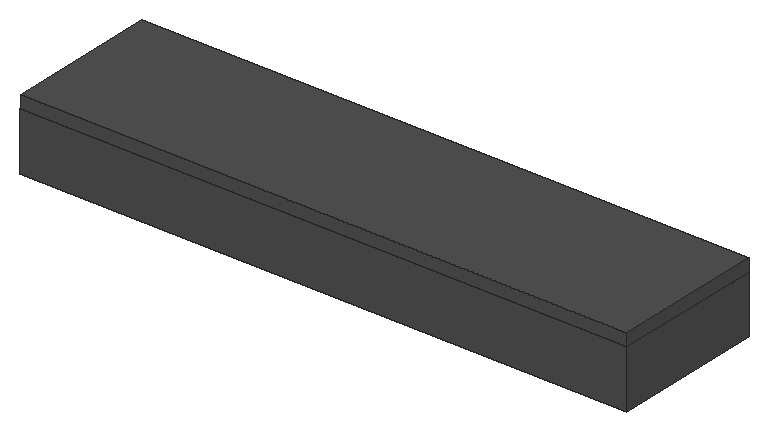
Revit family "M_Luminária comercial - Lentes", category Luminárias, Revit 2019
Family settings
  Hospedeiro = Forro
  Cota do conector redondo = Utilizar diâmetro
  Tipo de parte = Normal
  Número OmniClass = 23.80.70.11.14.11
  Título OmniClass = Downlights
  ID de item do Seek = Troffer Light - Lens-0000-CAN-ENU
  Sempre na vertical = Sim
  Corte com vazios quando carregada = Não
  Fonte luminosa = Sim
  Compartilhado = Não
  Ponto de cálculo do ambiente = Não
Parameters (values of type "0300x1200 mm(2 Lâmpadas) - 120V")
  Wattage = 80 W
  built-in parameter 1150110 = 1 (stored number, unit not read)
  built-in parameter 1114217 = 0.88 (stored number, unit not read)
  built-in parameter 1150109 = 1 (stored number, unit not read)
  built-in parameter 1150134 = 8
  built-in parameter 1150113 = 1 (stored number, unit not read)
  built-in parameter 1150115 = 1 (stored number, unit not read)
  built-in parameter 1150105 = 2005.4 (stored number, unit not read)
  Classificação de carga = Iluminação - Unidade de interrupção
  Light Source Symbol Size = 609.6 mm
  built-in parameter 1150137 = 1
  built-in parameter 1150139 = (empty or 0)
  built-in parameter 1150112 = 1 (stored number, unit not read)
  built-in parameter 1150114 = 1 (stored number, unit not read)
  built-in parameter 1150132 = (empty or 0)
  built-in parameter 1150102 = (empty or 0)
  built-in parameter 1150138 = (empty or 0)
  built-in parameter 1150107 = 4230 (stored number, unit not read)
  built-in parameter 1150106 = 20.054 (stored number, unit not read)
  Emitir da largura do retângulo = Largura da caixa - 50 mm  # 250 mm
  Emitir do comprimento do retângulo = Comprimento da caixa - 50 mm  # 1150 mm
  Emit Shape Visible in Rendering = no
  built-in parameter 1150104 = 7.3161 (stored number, unit not read)
  Dimming Lamp Color Temperature Shift = (empty or 0)
  Color Filter = 16777215
  built-in parameter 1140040 [instance] = 1
  Voltagem do transformador = 120 V
  Transformador por número de postes = 1
  built-in parameter 1114218 = 0.88 (stored number, unit not read)
  built-in parameter 1150133 = 10 (stored number, unit not read)
  Código de montagem = "D5020210"
  Diâmetro do círculo = Largura da caixa * 0.6  # 180 mm
  Material do difusor = Vidro, Branco, Alta Luminosidade
  Lâmpada = "T-12"
  Comprimento da caixa = 1200 mm
  Material da caixa de luz = Aço, Cromo polido
  Lumens = 6300 lm
  Wattage Comments = ""
  Largura da caixa = 300 mm
  Carga aparente = 80 VA
Types (10, lengths in mm): name | Wattage | built-in parameter 1114217 | built-in parameter 1150105 | built-in parameter 1150106 | Emitir da largura do retângulo | Emitir do comprimento do retângulo | built-in parameter 1150104 | Voltagem do transformador | built-in parameter 1114218 | Diâmetro do círculo | Comprimento da caixa | Lumens | Largura da caixa | Carga aparente
  0600x1200 mm(4 Lâmpadas) - 120V | 160 W | 0.95 (stored number, unit not read) | 4010.7 (stored number, unit not read) | 40.107 (stored number, unit not read) | 550 | 1150 | 7.3161 (stored number, unit not read) | 120 V | 0.95 (stored number, unit not read) | 360 | 1200 | 12600 lm | 600 | 160 VA
  0600x1200 mm(4 Lâmpadas) - 277V | 160 W | 0.95 (stored number, unit not read) | 4010.7 (stored number, unit not read) | 40.107 (stored number, unit not read) | 550 | 1150 | 7.3161 (stored number, unit not read) | 277 V | 0.95 (stored number, unit not read) | 360 | 1200 | 12600 lm | 600 | 160 VA
  0300x1200 mm(2 Lâmpadas) - 120V | 80 W | 0.88 (stored number, unit not read) | 2005.4 (stored number, unit not read) | 20.054 (stored number, unit not read) | 250 | 1150 | 7.3161 (stored number, unit not read) | 120 V | 0.88 (stored number, unit not read) | 180 | 1200 | 6300 lm | 300 | 80 VA
  0300x1200 mm(2 Lâmpadas) - 277V | 80 W | 0.88 (stored number, unit not read) | 2005.4 (stored number, unit not read) | 20.054 (stored number, unit not read) | 250 | 1150 | 7.3161 (stored number, unit not read) | 277 V | 0.88 (stored number, unit not read) | 180 | 1200 | 6300 lm | 300 | 80 VA
  0600x0600 mm(2 Lâmpadas) - 120V | 40 W | 0.88 (stored number, unit not read) | 827.61 (stored number, unit not read) | 8.2761 (stored number, unit not read) | 550 | 550 | 6.0387 (stored number, unit not read) | 120 V | 0.88 (stored number, unit not read) | 360 | 600 | 2600 lm | 600 | 40 VA
  0600x0600 mm(2 Lâmpadas) - 277V | 40 W | 0.88 (stored number, unit not read) | 827.61 (stored number, unit not read) | 8.2761 (stored number, unit not read) | 550 | 550 | 6.0387 (stored number, unit not read) | 277 V | 0.88 (stored number, unit not read) | 360 | 600 | 2600 lm | 600 | 40 VA
  0600x0600 mm(4 Lâmpadas) - 120V | 80 W | 0.88 (stored number, unit not read) | 1655.2 (stored number, unit not read) | 16.552 (stored number, unit not read) | 550 | 550 | 6.0387 (stored number, unit not read) | 120 V | 0.88 (stored number, unit not read) | 360 | 600 | 5200 lm | 600 | 80 VA
  0600x0600 mm(4 Lâmpadas) - 277V | 80 W | 0.88 (stored number, unit not read) | 1655.2 (stored number, unit not read) | 16.552 (stored number, unit not read) | 550 | 550 | 6.0387 (stored number, unit not read) | 277 V | 0.88 (stored number, unit not read) | 360 | 600 | 5200 lm | 600 | 80 VA
  0600x1200 mm(2 Lâmpadas) - 120V | 80 W | 0.88 (stored number, unit not read) | 1655.2 (stored number, unit not read) | 16.552 (stored number, unit not read) | 550 | 1150 | 6.0387 (stored number, unit not read) | 120 V | 0.88 (stored number, unit not read) | 360 | 1200 | 5200 lm | 600 | 80 VA
  0600x1200 mm(2 Lâmpadas) - 277V | 80 W | 0.88 (stored number, unit not read) | 1655.2 (stored number, unit not read) | 16.552 (stored number, unit not read) | 550 | 1150 | 6.0387 (stored number, unit not read) | 277 V | 0.88 (stored number, unit not read) | 360 | 1200 | 5200 lm | 600 | 80 VA
Reference planes
  plane 1 "Eixo de origem da luz": y = -59.466
  plane 2 "Forro": z = 2438.4
  plane 3 "Eixo de origem da luz": x = -18.704
  plane 4 "Elevação da origem da luz": z = 2413
  plane 5: x = -618.704
  plane 6: x = 581.296
  plane 7: y = 90.534
  plane 8: y = -209.466
Forms (mm)
  Extrusion 1, solid, material "Aço, Cromo polido" <- "Material da caixa de luz"
    sketch origin (0, 0, 2438.4) x (1, 0, 0) y (0, 1, 0)
      loop
        line (-618.704, 90.534) -> (-618.704, -209.466) -> (581.296, -209.466) -> (581.296, 90.534) -> (-618.704, 90.534)
      loop
        line (-593.304, 65.134) -> (-593.304, -184.066) -> (555.896, -184.066) -> (555.896, 65.134) -> (-593.304, 65.134)
    from 0 to 114.3
  Extrusion 2, solid, material "Aço, Cromo polido" <- "Material da caixa de luz"
    sketch origin (0, 0, 2438.4) x (1, 0, 0) y (0, 1, 0)
      loop
        line (-618.704, 90.534) -> (-618.704, -209.466) -> (581.296, -209.466) -> (581.296, 90.534) -> (-618.704, 90.534)
    from 114.3 to 139.7
  Extrusion 3, solid, material "Vidro, Branco, Alta Luminosidade" <- "Material do difusor"
    sketch origin (0, 0, 2438.4) x (1, 0, 0) y (0, 1, 0)
      loop
        line (-593.304, 65.134) -> (-593.304, -184.066) -> (555.896, -184.066) -> (555.896, 65.134) -> (-593.304, 65.134)
    from 0 to 6.35
Lines and regions (mm)
  Opening 1
    outline origin (0, 0, 2438.4) x (1, 0, 0) y (0, 1, 0)
      loop
        line (-618.704, 90.534) -> (-618.704, -209.466) -> (581.296, -209.466) -> (581.296, 90.534) -> (-618.704, 90.534)
  model lines
    curve 1: line (-618.704, 90.534, 2438.4) -> (581.296, 90.534, 2438.4)
    curve 2: line (-618.704, -209.466, 2438.4) -> (-618.704, 90.534, 2438.4)
    curve 3: line (581.296, -209.466, 2438.4) -> (-618.704, -209.466, 2438.4)
    curve 4: line (581.296, 90.534, 2438.4) -> (581.296, -209.466, 2438.4)
    curve 5: line (-593.304, 65.134, 2438.4) -> (555.896, 65.134, 2438.4)
    curve 6: line (-593.304, -184.066, 2438.4) -> (-593.304, 65.134, 2438.4)
    curve 7: line (555.896, -184.066, 2438.4) -> (-593.304, -184.066, 2438.4)
    curve 8: line (555.896, 65.134, 2438.4) -> (555.896, -184.066, 2438.4)
  symbolic lines
    curve 9: line (-64.44, -136.978, 0) -> (-593.304, -184.066, 0)
    curve 10: line (555.896, -184.066, 0) -> (27.033, -136.978, 0)
    curve 11: line (555.896, 65.134, 0) -> (27.033, 18.046, 0)
    curve 12: arc (-108.704, -59.466, 0) -> (-18.704, -149.466, 0) -> (71.296, -59.466, 0) r 90
    curve 13: arc (71.296, -59.466, 0) -> (-18.704, 30.534, 0) -> (-108.704, -59.466, 0) r 90
    curve 14: line (-593.304, 65.134, 0) -> (-64.44, 18.046, 0)
    curve 15: line (-593.304, 65.134, 0) -> (-593.304, -184.066, 0)
    curve 16: line (-593.304, -184.066, 0) -> (555.896, -184.066, 0)
    curve 17: line (555.896, -184.066, 0) -> (555.896, 65.134, 0)
    curve 18: line (555.896, 65.134, 0) -> (-593.304, 65.134, 0)
Dimensions and locks
  equal spacing: host sketch curve, plane 3 "Eixo de origem da luz", host sketch curve
  equal spacing: host sketch curve, plane 1 "Eixo de origem da luz", host sketch curve
  host sketch curve to host sketch curve = 3048 mm  (x2)
  equal spacing: plane 5, plane 3 "Eixo de origem da luz", plane 6
  equal spacing: plane 8, plane 1 "Eixo de origem da luz", plane 7
  "Comprimento da caixa": plane 5 to plane 6
  "Largura da caixa": plane 8 to plane 7
  locked: Extrusion 1 sketch curve to Extrusion 1 sketch curve at 25.4
  locked: curve 8 to plane 6 at 25.4
  locked: plane 5 to curve 6 at 25.4
  locked: curve 5 to plane 7 at 25.4
  locked: plane 8 to curve 7 at 25.4
  "Diâmetro do círculo": curve 13 to curve 13
  aligned and locked: plane 3 "Eixo de origem da luz" to imposter light
  aligned and locked: plane 1 "Eixo de origem da luz" to imposter light
  aligned and locked: plane 2 "Forro" to imposter light
Automatic sketch dimensions
  Opening 1 sketch curve to plane 5 = 0 mm
  Opening 1 sketch curve to plane 6 = 0 mm
  Opening 1 sketch curve to plane 8 = 0 mm
  Opening 1 sketch curve to plane 7 = 0 mm
  Extrusion 1 sketch curve to plane 5 = 0 mm
  Extrusion 1 sketch curve to plane 6 = 0 mm
  Extrusion 1 sketch curve to plane 8 = 0 mm
  Extrusion 1 sketch curve to plane 7 = 0 mm
  Extrusion 1 sketch curve to plane 5 = 25.4 mm
  plane 6 to Extrusion 1 sketch curve = 25.4 mm
  Extrusion 1 sketch curve to plane 8 = 25.4 mm
  Extrusion 2 sketch curve to plane 5 = 0 mm
  Extrusion 2 sketch curve to plane 6 = 0 mm
  Extrusion 2 sketch curve to plane 8 = 0 mm
  Extrusion 2 sketch curve to plane 7 = 0 mm
  Extrusion 3 sketch curve to plane 5 = 25.4 mm
  plane 6 to Extrusion 3 sketch curve = 25.4 mm
  Extrusion 3 sketch curve to plane 8 = 25.4 mm
  plane 7 to Extrusion 3 sketch curve = 25.4 mm
  curve 3 to plane 5 = 0 mm
  curve 12 to plane 1 "Eixo de origem da luz" = 0 mm
  curve 12 to plane 3 "Eixo de origem da luz" = 0 mm
  curve 4 to plane 6 = 0 mm
  curve 4 to plane 8 = 0 mm
  curve 1 to plane 7 = 0 mm
  curve 14 to curve 5 = 0 mm  (x2)
  curve 9 to curve 6 = 0 mm  (x2)
  curve 9 to plane 3 "Eixo de origem da luz" = 45.737 mm
  plane 3 "Eixo de origem da luz" to curve 11 = 45.737 mm
  plane 3 "Eixo de origem da luz" to curve 10 = 45.737 mm
  curve 11 to curve 5 = 0 mm  (x2)
  curve 10 to curve 7 = 0 mm  (x2)
  curve 14 to curve 11 = 0 mm
  curve 15 to plane 5 = 25.4 mm
  plane 6 to curve 17 = 25.4 mm
  curve 15 to plane 8 = 25.4 mm
  plane 7 to curve 17 = 25.4 mm
Connectors
  electrical at (-18.704, -59.466, 2444.75), driven by "Carga aparente", driven by "Voltagem do transformador", driven by "Transformador por número de postes", driven by "Classificação de carga"
    settings: on Extrusion 3, index 1, voltage 120 V, apparent load 0 VA, apparent load phase1 80 VA, apparent load phase2 0 VA, apparent load phase3 0 VA, power factor 0.95, load classification "Iluminação - Unidade de interrupção", number of poles 1, system type 31, power factor state 1, is connector primary yes, connector utility no, sub classification motor no, connector description ""
